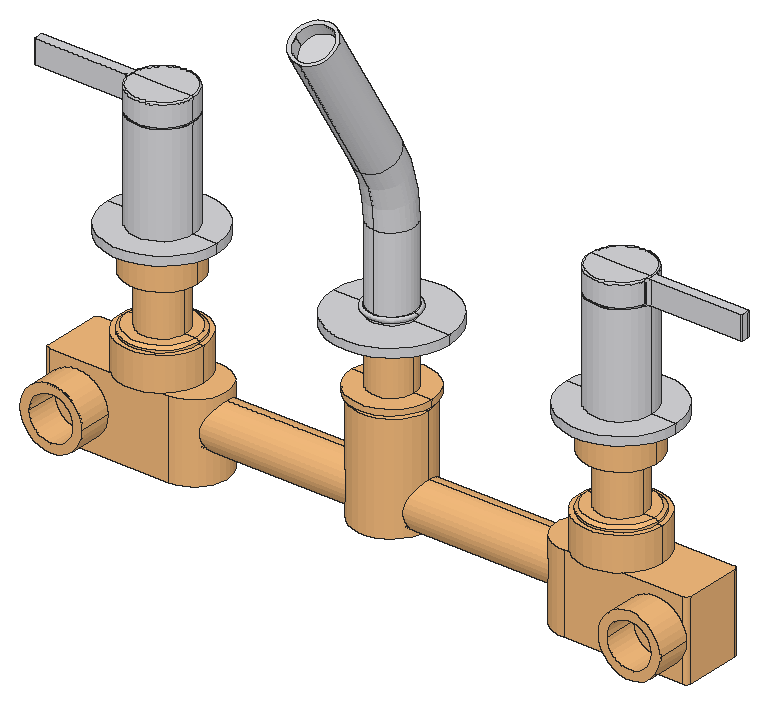
Revit family "Faucet-Wall_Mount-Lavatory-KOHLER-STILLNESS-944W", category Plumbing Fixtures, host Face, Revit 2017
Family settings
  Host = Face
  Round Connector Dimension = Use Diameter
  Part Type = Normal
  OmniClass Number = 23.31.11.00
  OmniClass Title = Faucets
  Cut with Voids When Loaded = No
  Shared = No
  Room Calculation Point = No
Parameters (values of type "CP-Polished Chrome")
  Width = Faucet Hole Spacing  # 7 7/8"
  WaterSense Certified = 1 = 0  # no
  Waste Water Outlet = "Waste Water Outlet"  # constant formula
  Waste Connection = 1 = 0  # no
  Vent Connection = 1 = 0  # no
  URL = "https://www.kohler.co.uk/"
  Type = 1
  Spout Reach = 5.03937"  # constant formula
  Product Page URL = "https://www.kohler.co.uk/taps/wall-mount/stillness-2-handle-3-hole-wall-mount-basin-mixer/"
  Product Name = "STILLNESS"  # constant formula
  Product Documentation Link = ""
  Pressure = 0.00 psi
  Model = "944W-4-CP"  # constant formula
  Material = "Premium Metal Construction"  # constant formula
  Master Format 2014 Name = "Residential Faucets, Supplies, and Trim"  # constant formula
  Master Format 2014 = "22 41 39"  # constant formula
  Manufacturer Address = "Cromwell Road, Cheltenham, Gloucestershire. GL52 5EP Registered in England No. 252115"  # constant formula
  Manufacturer = "KOHLER Co."  # constant formula
  Length = Spout Reach  # 5.03937"
  Hot Water Inlet = "Hot Water Inlet"  # constant formula
  Height = 2.6378"  # constant formula
  Handle Clearance = 2 3/16"  # constant formula
  HW Connection = 1 = 1  # yes
  Flow Rate = 0 GPM
  Finish = Kohler-Metal-CP-Polished_Chrome
  Faucet Hole Spacing = 7 7/8"  # constant formula
  Environmental Product Declaration = ""
  Drain Included = 1 = 1  # yes
  Description = "2-handle 3-hole wall-mount basin mixer"  # constant formula
  Default Elevation = 36"
  Declare Label = ""
  Date Modified = "02/25/2021"  # constant formula
  Date Created = "02/25/2021"  # constant formula
  Copyright = "Copyright KOHLER Co."  # constant formula
  Contact Us = "https://www.kohler.co.uk/support/contact/"
  Cold Water Inlet = "Cold Water Inlet"  # constant formula
  CW Connection = 1 = 1  # yes
  Assembly Code = "D2010"
  ADA Compliant = 1 = 0  # no
Reference planes (in)
  plane 1 "Center (Front/Back)": y = 0
  plane 2: z = 0
  plane 3 "Center (Left/Right)": x = 0
  plane 4: x = -4.96063
  plane 5: x = 4.96063
  plane 6: x = -3.93701
  plane 7: z = -2.74648
  plane 8: z = -3.41442
  plane 9: x = -2.99674
  plane 10: x = -3.22855
  plane 11: x = -3.40719
  plane 12: x = -4.46682
  plane 13: x = -4.64546
  plane 14: x = -4.87728
  plane 15: z = 0.14998
  plane 16: x = 0.62996
  plane 17: x = 0.995
  plane 18: x = -0.995
  plane 19: x = -0.62996
  plane 20: z = 0
  plane 21: x = -0.37477
  plane 22: x = 0.37477
  plane 23: x = 2.99674
  plane 24: x = 3.22855
  plane 25: x = 3.40719
  plane 26: x = 4.46682
  plane 27: x = 4.64546
  plane 28: x = 4.87728
  plane 29: x = -5.5116
  plane 30: x = 5.5116
  plane 31: y = -2.0075
  plane 32: y = -0.99734
  plane 33: y = -0.52982
  plane 34: y = 0.52982
  plane 35: y = 1.00266
  plane 36: y = -1.10236
  plane 37: y = 0.94007
  plane 38: y = -0.94007
  plane 39: x = 3.93799
  plane 40: y = -1.63514
  plane 41: z = 5.03937
  plane 42: z = 2.8458
  plane 43: z = 2.44441
  plane 44: z = 5.9975
  plane 45: z = 5.9975
  plane 46: x = 6.12549
  plane 47: x = -6.12205
Forms (in)
  Extrusion 1, void
    sketch origin (0, -0.15133, 0) x (1, 0, 0) y (0, 1, 0)
      loop
        line (-5.54623, 1.15664) -> (-5.54623, -1.1143) -> (5.64045, -1.1143) -> (5.64045, 1.15664) -> (-5.54623, 1.15664)
    from -3.41442 to -1.25254
  Extrusion 2, void
    sketch origin (0, 0, 0) x (1, 0, 0) y (0, 1, 0)
      loop
        circle (-3.93701, 0) r 0.75
      loop
        circle (-0.00681, 0) r 0.62931
      loop
        circle (3.93701, 0) r 0.75
    from -1.45669 to 0
Dimensions and locks (in)
  "Width": plane 6 to plane 39
  "Spout Reach": level to plane 41
  "Handle Clearance": plane 39 to plane 46
  level to plane 42 = 2.8458"
  plane 46 to plane 47 = 12.24754"
  "Height": plane 35 to plane 40
  aligned and locked: plane 2 to host face
  aligned and locked: level to host face
Automatic sketch dimensions
  host sketch curve to host sketch curve = 96"  (x2)
  plane 29 to Extrusion 1 sketch curve = 0.03463"
  plane 30 to Extrusion 1 sketch curve = 0.12885"
  plane 36 to Extrusion 1 sketch curve = 0.16326"
  plane 35 to Extrusion 1 sketch curve = 0.00266"
  plane 1 "Center (Front/Back)" to Extrusion 2 sketch curve = 0"  (x3)
  Extrusion 2 sketch curve to plane 6 = 0"
  Extrusion 2 sketch curve to plane 3 "Center (Left/Right)" = 0.00681"
  Extrusion 2 sketch curve to plane 25 = 0.52982"
  radius of Extrusion 2 sketch curve = 3/4"  (x2)
  radius of Extrusion 2 sketch curve = 0.62931"
Nested families (in)
  nested 1: "944W" at (0, 0, -3.41442), type "944W"
Connectors (in)
  piping at (-4.96063, -0.59843, -2.74648), diameter 0.5, driven by "HW Connection", driven by "Hot Water Inlet", driven by "Flow Rate"
    settings: on nested 1, index 1, connector inside diameter 24", connector length 0", flow factor 0, pipe flow 0 GPM, pressure drop 0.00 psi, fitting loss kfactor 0, connector angle 0.00°, fixture units 0, engagement length 0", angle of deflection 0.00°, flow configuration 0, flow direction 1, fitting loss method 0, system type 19, joint type 0, gender type 0, connector reference index -1, connector utility 1, adjustable connector no, is connector primary yes, connector description "Hot Water Inlet"
  piping at (4.96063, -0.59843, -2.74648), diameter 0.5, driven by "CW Connection", driven by "Cold Water Inlet", driven by "Flow Rate"
    settings: on nested 1, index 2, connector inside diameter 24", connector length 0", flow factor 0, pipe flow 0 GPM, pressure drop 0.00 psi, fitting loss kfactor 0, connector angle 0.00°, fixture units 0, engagement length 0", angle of deflection 0.00°, flow configuration 0, flow direction 1, fitting loss method 0, system type 20, joint type 0, gender type 0, connector reference index -1, connector utility 1, adjustable connector no, is connector primary no, connector description "Cold Water Inlet"
Definition of nested family "944W"
  Parameters (values of type "944W")
    Material = none
  Reference planes (in)
    plane 1 "Center (Front/Back)": y = 0
    plane 2: z = 0
    plane 3 "Center (Left/Right)": x = 0
    plane 4: x = -3.93701
    plane 5: z = 4.98377
    plane 6: z = 0.66794
    plane 7: y = 0.99734
    plane 8: z = 8.45379
    plane 9: y = -1.65354
    plane 10: y = 0.52982
    plane 11: y = 0.99734
    plane 12: y = 0.52982
    plane 13: y = -0.99734
    plane 14: y = -0.52982
    plane 15: y = -1.10236
    plane 16: y = -2.0075
    plane 17: z = 3.41442
    plane 18: z = 3.56439
    plane 19: x = 4.64546
    plane 20: x = 3.93701
    plane 21: x = 3.22855
    plane 22: x = 4.87728
    plane 23: x = 4.46682
    plane 24: x = 2.99674
    plane 25: x = 3.40719
    plane 26: x = 6.06701
    plane 27: z = 5.68505
    plane 28: x = -4.64546
    plane 29: x = -3.22855
    plane 30: x = -4.87728
    plane 31: x = -4.46682
    plane 32: x = -2.99674
    plane 33: x = -3.40719
    plane 34: x = -6.06701
    plane 35: x = 0.62996
    plane 36: x = 0.995
    plane 37: x = -0.62996
    plane 38: x = -0.995
    plane 39: x = 0.37477
    plane 40: x = -0.37477
    plane 41: z = 8.62833
    plane 42: y = 0.94007
    plane 43: y = -0.94007
  Forms (in)
    Sweep 1, solid
      path origin (0, 0, 0) x (-1, 0, 0) y (0, 0, 1)
        loop
          line (-3.11863, 0.82431) -> (3.26301, 0.82431)
      profile origin (-0.07219, 0, 0.82431) x (0, 0, 1) y (0, 1, 0)
        loop
          circle (0, 0) r 0.3937
    Extrusion 2, solid, detail levels medium+fine
      sketch origin (0, 0, 0) x (-1, 0, 0) y (0, -1, 0)
        loop
          arc (-3.38583, -0.55118) -> (-2.83465, 0) -> (-3.38583, 0.55118) r 0.55118
          line (-3.38583, 0.55118) -> (-5.43325, 0.55118)
          arc (-5.43325, 0.55118) -> (-5.4888, 0.52817) -> (-5.51181, 0.47262) r 0.07856
          line (-5.51181, 0.47262) -> (-5.51181, -0.47503)
          arc (-5.51181, -0.47503) -> (-5.48951, -0.52888) -> (-5.43566, -0.55118) r 0.07615
          line (-5.43566, -0.55118) -> (-3.38583, -0.55118)
      from 0 to 1.33858
    Extrusion 3, solid, detail levels medium+fine
      sketch origin (0, 0, 0) x (1, 0, 0) y (0, 1, 0)
        loop
          line (-3.38583, 0.55118) -> (-5.43566, 0.55118)
          arc (-5.43566, 0.55118) -> (-5.48951, 0.52888) -> (-5.51181, 0.47503) r 0.07615
          line (-5.51181, 0.47503) -> (-5.51181, -0.47262)
          arc (-5.51181, -0.47262) -> (-5.4888, -0.52817) -> (-5.43325, -0.55118) r 0.07856
          line (-5.43325, -0.55118) -> (-3.38583, -0.55118)
          arc (-3.38583, -0.55118) -> (-2.83465, 0) -> (-3.38583, 0.55118) r 0.55118
      from 0 to 1.33858
    Revolve 4, solid, detail levels medium+fine
      sketch origin (0, 0, 0) x (-1, 0, 0) y (0, 0, 1)
        loop
          line (0, 0.43307) -> (0, 3.41729) -> (-0.37477, 3.41729) -> (-0.37477, 2.45353) -> (-0.6825, 2.45353) -> (-0.6825, 2.35353) -> (-0.45935, 2.35353) -> (-0.45935, 2.26919) -> (-0.62996, 2.26919) -> (-0.62996, 0.43307) -> (0, 0.43307)
        axis (0, 3.41729) -> (0, 0.43307)
      angle from 0 to 360
    Revolve 5, solid, detail levels medium+fine
      sketch origin (0, 0, 0) x (1, 0, 0) y (0, 0, -1)
        loop
          line (-3.93701, -1.33858) -> (-3.93701, -3.41442) -> (-3.32201, -3.41442) -> (-3.32201, -2.83439) -> (-3.38379, -2.83439) -> (-3.41749, -2.80069) -> (-3.54331, -2.80069) -> (-3.54331, -1.9936) -> (-3.36415, -1.9936) -> (-3.30708, -1.94902) -> (-3.30708, -1.91486) -> (-3.22855, -1.91486) -> (-3.22855, -1.33858) -> (-3.93701, -1.33858)
        axis (-3.93701, -3.41442) -> (-3.93701, -1.33858)
      angle from 0 to 360
    Extrusion 6, solid, material <- "Material", detail levels medium+fine
      sketch origin (0, 0, 0) x (-1, 0, 0) y (0, 0, 1)
        loop
          line (4.05561, 0.23622) -> (3.8189, 0.23622)
          arc (3.8189, 0.23622) -> (3.76322, 0.21316) -> (3.74016, 0.15748) r 0.07874
          line (3.74016, 0.15748) -> (3.74016, 0.07874)
          arc (3.74016, 0.07874) -> (3.76322, 0.02306) -> (3.8189, 0) r 0.07874
          line (3.8189, 0) -> (4.05561, 0)
          arc (4.05561, 0) -> (4.11129, 0.02306) -> (4.13435, 0.07874) r 0.07874
          line (4.13435, 0.07874) -> (4.13435, 0.15748)
          arc (4.13435, 0.15748) -> (4.11129, 0.21316) -> (4.05561, 0.23622) r 0.07874
      from 0.40476 to 0.98425
    Extrusion 7, solid, detail levels medium+fine
      sketch origin (0, 0, 0) x (-1, 0, 0) y (0, 0, 1)
        loop
          circle (4.96246, 0.66794) r 0.3795
        loop
          circle (4.96246, 0.66794) r 0.52948
      from -1.10236 to -0.55118
    Extrusion 8, solid, detail levels medium+fine
      sketch origin (0, 0, 0) x (1, 0, 0) y (0, 0, -1)
        loop
          circle (4.96246, -0.66794) r 0.3795
        loop
          circle (4.96246, -0.66794) r 0.52948
      from -1.10236 to -0.55118
    Extrusion 9, solid, detail levels medium+fine
      sketch origin (0, 0, 0) x (1, 0, 0) y (0, 0, -1)
        loop
          arc (4.05561, -0.23622) -> (4.11129, -0.21316) -> (4.13435, -0.15748) r 0.07874
          line (4.13435, -0.15748) -> (4.13435, -0.07874)
          arc (4.13435, -0.07874) -> (4.11129, -0.02306) -> (4.05561, 0) r 0.07874
          line (4.05561, 0) -> (3.8189, 0)
          arc (3.8189, 0) -> (3.76322, -0.02306) -> (3.74016, -0.07874) r 0.07874
          line (3.74016, -0.07874) -> (3.74016, -0.15748)
          arc (3.74016, -0.15748) -> (3.76322, -0.21316) -> (3.8189, -0.23622) r 0.07874
          line (3.8189, -0.23622) -> (4.05561, -0.23622)
      from 0.40476 to 0.98425
    Extrusion 10, solid, detail levels medium+fine
      sketch origin (0, 0, 0) x (-1, 0, 0) y (0, 0, 1)
        loop
          line (4.05561, 0.23622) -> (3.8189, 0.23622)
          arc (3.8189, 0.23622) -> (3.76322, 0.21316) -> (3.74016, 0.15748) r 0.07874
          line (3.74016, 0.15748) -> (3.74016, 0.07874)
          arc (3.74016, 0.07874) -> (3.76322, 0.02306) -> (3.8189, 0) r 0.07874
          line (3.8189, 0) -> (4.05561, 0)
          arc (4.05561, 0) -> (4.11129, 0.02306) -> (4.13435, 0.07874) r 0.07874
          line (4.13435, 0.07874) -> (4.13435, 0.15748)
          arc (4.13435, 0.15748) -> (4.11129, 0.21316) -> (4.05561, 0.23622) r 0.07874
      from 0.40476 to 0.98425
    Extrusion 11, solid, detail levels coarse
      sketch origin (0, 0, 0) x (1, 0, 0) y (0, 1, 0)
        loop
          line (-5.51181, -0.00984) -> (-5.51181, -0.59843) -> (-3.43115, -0.59843)
          arc (-3.43115, -0.59843) -> (-2.82763, 0.00509) -> (-3.43115, 0.6086) r 0.60352
          line (-3.43115, 0.6086) -> (-5.51181, 0.6086) -> (-5.51181, -0.00984)
      from 0 to 1.38727
    Extrusion 12, solid, detail levels coarse
      sketch origin (0, 0, 0) x (-1, 0, 0) y (0, -1, 0)
        loop
          line (-5.51181, 0.00984) -> (-5.51181, -0.6086) -> (-3.43115, -0.6086)
          arc (-3.43115, -0.6086) -> (-2.82763, -0.00509) -> (-3.43115, 0.59843) r 0.60352
          line (-3.43115, 0.59843) -> (-5.51181, 0.59843) -> (-5.51181, 0.00984)
      from 0 to 1.38727
    Revolve 13, solid, detail levels coarse
      sketch origin (0, 0, 0) x (1, 0, 0) y (0, 0, 1)
        loop
          line (0, 0.41817) -> (0.69635, 0.41817) -> (0.69635, 2.48617) -> (0.41873, 2.48617) -> (0.41873, 3.41901) -> (0, 3.41901) -> (0, 0.41817)
        axis (0, 3.41901) -> (0, 0.41817)
      angle from 0 to 360
    Extrusion 14, solid, detail levels medium+fine
      sketch origin (0, 0, 0) x (1, 0, 0) y (0, 0, 1)
        loop
          circle (4.96063, 0.66794) r 0.12962
      from 0.55118 to 0.59843
    Extrusion 15, solid, detail levels medium+fine
      sketch origin (0, 0, 0) x (-1, 0, 0) y (0, 0, -1)
        loop
          circle (4.96063, -0.66794) r 0.12962
      from 0.55118 to 0.59843
    Revolve 16, solid, material <- "Material", detail levels medium+fine
      sketch origin (0, 0, 0) x (1, 0, 0) y (0, 0, -1)
        loop
          line (-3.93701, -3.4168) -> (-3.93701, -5.6841) -> (-3.42727, -5.6841)
          arc (-3.42727, -5.6841) -> (-3.41307, -5.67822) -> (-3.40719, -5.66403) r 0.02008
          line (-3.40719, -5.66403) -> (-3.40719, -5.30583)
          arc (-3.40719, -5.30583) -> (-3.4193, -5.29005) -> (-3.43826, -5.28407) r 0.03306
          line (-3.43826, -5.28407) -> (-3.40719, -5.28407) -> (-3.40719, -3.56827) -> (-2.99694, -3.56827) -> (-2.99694, -3.4168) -> (-3.93701, -3.4168)
        axis (-3.93701, -5.6841) -> (-3.93701, -3.4168)
      angle from 0 to 360
    Revolve 17, solid, material <- "Material", detail levels medium+fine
      sketch origin (0, 0, 0) x (1, 0, 0) y (0, 0, 1)
        loop
          line (0, 3.41729) -> (0.995, 3.41729) -> (0.995, 3.56728) -> (0, 3.56728) -> (0, 3.41729)
        axis (0, 3.56728) -> (0, 3.41729)
      angle from 0 to 360
    Revolve 18, solid, detail levels coarse
      sketch origin (0, 0, 0) x (1, 0, 0) y (0, 0, 1)
        loop
          line (-3.96145, 1.33858) -> (-3.96145, 3.41442) -> (-4.61003, 3.41442) -> (-4.61003, 2.71306) -> (-4.41318, 2.71306) -> (-4.41318, 2.05137) -> (-4.67878, 2.05137) -> (-4.67878, 1.33858) -> (-3.96145, 1.33858)
        axis (-3.96145, 3.41442) -> (-3.96145, 1.33858)
      angle from 0 to 360
    Extrusion 19, solid, detail levels coarse
      sketch origin (0, 0, 0) x (-1, 0, 0) y (0, 0, 1)
        loop
          circle (4.96246, 0.66794) r 0.52948
      from -1.10236 to -0.55118
    Extrusion 20, solid, detail levels coarse
      sketch origin (0, 0, 0) x (1, 0, 0) y (0, 0, -1)
        loop
          circle (4.96246, -0.66794) r 0.52948
      from -1.10236 to -0.55118
    Revolve 21, solid, detail levels medium+fine
      sketch origin (0, 0, 0) x (-1, 0, 0) y (0, 0, 1)
        loop
          line (-3.93701, 1.33858) -> (-3.22855, 1.33858) -> (-3.22855, 1.91486) -> (-3.30708, 1.91486) -> (-3.30708, 1.94902) -> (-3.36415, 1.9936) -> (-3.54331, 1.9936) -> (-3.54331, 2.80069) -> (-3.41749, 2.80069) -> (-3.38379, 2.83439) -> (-3.32201, 2.83439) -> (-3.32201, 3.41442) -> (-3.93701, 3.41442) -> (-3.93701, 1.33858)
        axis (-3.93701, 3.41442) -> (-3.93701, 1.33858)
      angle from 0 to 360
    Revolve 22, solid, material <- "Material", detail levels medium+fine
      sketch origin (0, 0, 0) x (-1, 0, 0) y (0, 0, 1)
        loop
          line (-3.93701, 3.41442) -> (-2.99694, 3.41442) -> (-2.99694, 3.56439) -> (-3.40719, 3.56439) -> (-3.40719, 5.28407) -> (-3.43826, 5.28407)
          arc (-3.43826, 5.28407) -> (-3.4193, 5.29005) -> (-3.40719, 5.30583) r 0.03306
          line (-3.40719, 5.30583) -> (-3.40719, 5.66403)
          arc (-3.40719, 5.66403) -> (-3.41307, 5.67822) -> (-3.42727, 5.6841) r 0.02008
          line (-3.42727, 5.6841) -> (-3.93701, 5.6841) -> (-3.93701, 3.41442)
        axis (-3.93701, 5.6841) -> (-3.93701, 3.41442)
      angle from 0 to 360
    Extrusion 23, solid, material <- "Material", detail levels medium+fine
      sketch origin (0, 0, 0) x (1, 0, 0) y (0, 1, 0)
        loop
          arc (-4.5104, -0.079) -> (-4.4718, -0.09295) -> (-4.45104, -0.12837) r 0.06038
          line (-4.45104, -0.12837) -> (-4.45104, 0.12837)
          arc (-4.45104, 0.12837) -> (-4.4718, 0.09295) -> (-4.5104, 0.079) r 0.06038
          line (-4.5104, 0.079) -> (-6.04702, 0.079)
          arc (-6.04702, 0.079) -> (-6.06115, 0.07315) -> (-6.06701, 0.05902) r 0.01998
          line (-6.06701, 0.05902) -> (-6.06701, -0.05839)
          arc (-6.06701, -0.05839) -> (-6.06097, -0.07296) -> (-6.0464, -0.079) r 0.02061
          line (-6.0464, -0.079) -> (-4.5104, -0.079)
      from 5.28407 to 5.68407
    Extrusion 24, solid, material <- "Material", detail levels medium+fine
      sketch origin (0, 0, 0) x (-1, 0, 0) y (0, -1, 0)
        loop
          line (-4.5104, 0.079) -> (-6.0464, 0.079)
          arc (-6.0464, 0.079) -> (-6.06097, 0.07296) -> (-6.06701, 0.05839) r 0.02061
          line (-6.06701, 0.05839) -> (-6.06701, -0.05902)
          arc (-6.06701, -0.05902) -> (-6.06115, -0.07315) -> (-6.04702, -0.079) r 0.01998
          line (-6.04702, -0.079) -> (-4.5104, -0.079)
          arc (-4.5104, -0.079) -> (-4.4718, -0.09295) -> (-4.45104, -0.12837) r 0.06038
          line (-4.45104, -0.12837) -> (-4.45104, 0.12837)
          arc (-4.45104, 0.12837) -> (-4.4718, 0.09295) -> (-4.5104, 0.079) r 0.06038
      from 5.28407 to 5.68407
    Revolve 25, solid, material <- "Material", detail levels medium+fine
      sketch origin (0, 0, 0) x (1, 0, 0) y (0, 0, 1)
        loop
          line (0, 3.56728) -> (0.37549, 3.56728) -> (0.37549, 3.63467) -> (0.40656, 3.63467)
          arc (0.40656, 3.63467) -> (0.44184, 3.67337) -> (0.40004, 3.70491) r 0.03542
          line (0.40004, 3.70491) -> (0, 3.70491) -> (0, 3.56728)
        axis (0, 3.70491) -> (0, 3.56728)
      angle from 0 to 360
    Sweep 26, solid, material <- "Material"
      path origin (0, 0, 0) x (0, 1, 0) y (0, 0, 1)
        loop
          line (0, 3.70491) -> (0, 4.99633)
          arc (0, 4.99633) -> (-0.08434, 5.61603) -> (-0.33121, 6.19065) r 2.3189
          line (-0.33121, 6.19065) -> (-1.67972, 8.43493)
      profile origin (0, 0, 4.35062) x (0, -1, 0) y (1, 0, 0)
        loop
          circle (0, 0) r 0.37549
    Revolve 27, solid, detail levels coarse
      sketch origin (0, 0, 0) x (-1, 0, 0) y (0, 0, 1)
        loop
          line (-3.96145, 1.33858) -> (-3.96145, 3.41442) -> (-4.61003, 3.41442) -> (-4.61003, 2.71306) -> (-4.41318, 2.71306) -> (-4.41318, 2.05137) -> (-4.67878, 2.05137) -> (-4.67878, 1.33858) -> (-3.96145, 1.33858)
        axis (-3.96145, 3.41442) -> (-3.96145, 1.33858)
      angle from 0 to 360
    Revolve 28, solid, material <- "Material", detail levels coarse
      sketch origin (0, 0, 0) x (1, 0, 0) y (0, 0, 1)
        loop
          line (-3.93701, 3.41442) -> (-3.93701, 5.73363) -> (-4.52756, 5.73363) -> (-4.52756, 3.56827) -> (-4.92126, 3.56827) -> (-4.92126, 3.41442) -> (-3.93701, 3.41442)
        axis (-3.93701, 3.41442) -> (-3.93701, 5.73363)
      angle from 0 to 360
    Revolve 29, solid, material <- "Material", detail levels coarse
      sketch origin (0, 0, 0) x (-1, 0, 0) y (0, 0, 1)
        loop
          line (-3.93701, 3.41442) -> (-3.93701, 5.73363) -> (-4.52756, 5.73363) -> (-4.52756, 3.56827) -> (-4.92126, 3.56827) -> (-4.92126, 3.41442) -> (-3.93701, 3.41442)
        axis (-3.93701, 3.41442) -> (-3.93701, 5.73363)
      angle from 0 to 360
    Extrusion 30, solid, material <- "Material", detail levels coarse
      sketch origin (0, 0, 0) x (1, 0, 0) y (0, 1, 0)
        loop
          line (-4.51342, 0.12431) -> (-6.08913, 0.12431) -> (-6.08913, -0.12846) -> (-4.51342, -0.12846) -> (-4.51342, 0.12431)
      from 5.28407 to 5.73363
    Extrusion 31, solid, material <- "Material", detail levels coarse
      sketch origin (0, 0, 0) x (-1, 0, 0) y (0, -1, 0)
        loop
          line (-4.51342, -0.12431) -> (-4.51342, 0.12846) -> (-6.08913, 0.12846) -> (-6.08913, -0.12431) -> (-4.51342, -0.12431)
      from 5.28407 to 5.73363
    Revolve 32, solid, material <- "Material", detail levels coarse
      sketch origin (0, 0, 0) x (1, 0, 0) y (0, 0, 1)
        loop
          line (-0.01419, 3.41729) -> (-0.01419, 3.71215) -> (-0.46211, 3.71215) -> (-0.46211, 3.61414) -> (-1.05266, 3.61414) -> (-1.05266, 3.41729) -> (-0.01419, 3.41729)
        axis (-0.01419, 3.71215) -> (-0.01419, 3.41729)
      angle from 0 to 360
    Extrusion 33, void
      sketch origin (0, 0.92555, 17.14614) x (1, 0, 0) y (0, -0.848048, -0.529919)
        loop
          circle (0.01057, 6.83313) r 0.31433
      from 5.52187 to 6.23224
  Cuts and joins
    joined: Extrusion 3, Extrusion 14, Extrusion 15
    Extrusion 33 cuts Sweep 26
  Lines and regions (in)
    Masking region 1
      outline origin (0, 0, 0) x (1, 0, 0) y (0, 0, 1)
        loop
          line (6.06623, 5.68505) -> (3.4072, 5.68505) -> (3.4072, 3.56439) -> (2.99693, 3.56439) -> (2.99693, 3.41442) -> (4.87728, 3.41442) -> (4.87728, 3.56439) -> (4.46682, 3.56439) -> (4.46682, 5.28398) -> (6.06623, 5.28398) -> (6.06623, 5.68505)
        loop
          line (-6.06623, 5.68505) -> (-6.06623, 5.28398) -> (-4.46682, 5.28398) -> (-4.46682, 3.56439) -> (-4.87728, 3.56439) -> (-4.87728, 3.41442) -> (-2.99693, 3.41442) -> (-2.99693, 3.56439) -> (-3.4072, 3.56439) -> (-3.4072, 5.68505) -> (-6.06623, 5.68505)
        loop
          spline (0.37549, 8.43493) -> (0.37228, 8.46018) -> (0.3627, 8.48499) -> (0.34691, 8.50894) -> (0.32518, 8.53163) -> (0.2979, 8.55266) -> (0.26551, 8.57168) -> (0.22858, 8.58836) -> (0.18775, 8.60242) -> (0.14369, 8.6136) -> (0.09718, 8.62174) -> (0.04901, 8.62667) -> (0, 8.62833)
          spline (0, 8.62833) -> (-0.04978, 8.62662) -> (-0.09868, 8.62153) -> (-0.14583, 8.61314) -> (-0.19042, 8.60161) -> (-0.23164, 8.58714) -> (-0.26877, 8.56998) -> (-0.30116, 8.55044) -> (-0.32823, 8.52886) -> (-0.34951, 8.50562) -> (-0.36462, 8.48113) -> (-0.37329, 8.45583) -> (-0.3756, 8.43015)
          line (-0.3756, 8.43015) -> (-0.3756, 3.70575) -> (-0.40856, 3.70575)
          arc (-0.40856, 3.70575) -> (-0.4441, 3.67021) -> (-0.40856, 3.63467) r 0.03554
          line (-0.40856, 3.63467) -> (-0.37549, 3.63467) -> (-0.37549, 3.56728) -> (-0.995, 3.56728) -> (-0.995, 3.41729) -> (0, 3.41729) -> (0.995, 3.41729) -> (0.995, 3.56728) -> (0.37549, 3.56728) -> (0.37549, 3.63467) -> (0.40856, 3.63467)
          arc (0.40856, 3.63467) -> (0.4441, 3.67021) -> (0.40856, 3.70575) r 0.03554
          line (0.40856, 3.70575) -> (0.3756, 3.70575) -> (0.3756, 8.43015)
    Masking region 2
      outline origin (0, 0, 0) x (0, 1, 0) y (0, 0, 1)
        loop
          line (0, 3.41442) -> (0.99734, 3.41442) -> (0.99734, 3.56786) -> (0.52981, 3.56786) -> (0.52981, 5.65671)
          arc (0.52981, 5.65671) -> (0.52647, 5.67531) -> (0.50981, 5.68423) r 0.02169
          line (0.50981, 5.68423) -> (0.28689, 5.68423)
          arc (0.28689, 5.68423) -> (0.18907, 5.98572) -> (0.0569, 6.27381) r 2.72502
          line (0.0569, 6.27381) -> (-1.35924, 8.63066) -> (-2.0075, 8.24116) -> (-0.60344, 5.90442)
          arc (-0.60344, 5.90442) -> (-0.54483, 5.79664) -> (-0.49567, 5.68423) r 1.42929
          arc (-0.49567, 5.68423) -> (-0.51745, 5.68284) -> (-0.52954, 5.66468) r 0.02459
          line (-0.52954, 5.66468) -> (-0.52954, 3.56786) -> (-0.99734, 3.56786) -> (-0.99734, 3.41442) -> (0, 3.41442)
    Masking region 3
      outline origin (0, 0, 0) x (0, 1, 0) y (0, 0, 1)
        loop
          line (-0.55118, 0) -> (0.99656, 0) -> (0.99656, 0.23622) -> (0.55113, 0.23622) -> (0.55113, 0.43307) -> (0.62996, 0.43307) -> (0.62996, 1.33858) -> (0.70846, 1.33858) -> (0.70846, 1.91486) -> (0.62992, 1.91486) -> (0.62992, 2.26919) -> (0.45935, 2.26919) -> (0.45935, 2.35353) -> (0.6825, 2.35353) -> (0.6825, 2.45353) -> (0.39345, 2.45353) -> (0.39345, 2.80069) -> (0.51952, 2.80069) -> (0.55322, 2.83439) -> (0.615, 2.83439) -> (0.615, 3.41442) -> (-0.615, 3.41442) -> (-0.615, 2.83439) -> (-0.55322, 2.83439) -> (-0.51952, 2.80069) -> (-0.39345, 2.80069) -> (-0.39345, 2.45353) -> (-0.6825, 2.45353) -> (-0.6825, 2.35353) -> (-0.45935, 2.35353) -> (-0.45935, 2.26919) -> (-0.62992, 2.26919) -> (-0.62992, 1.91486) -> (-0.70846, 1.91486) -> (-0.70846, 1.33858) -> (-0.62996, 1.33858) -> (-0.62996, 1.19618) -> (-1.10236, 1.19618) -> (-1.10236, 0.13846) -> (-0.55118, 0.13846) -> (-0.55118, 0)
    Masking region 4, detail levels medium+fine
      outline origin (0, 0, 0) x (1, 0, 0) y (0, 0, 1)
        loop
          line (2.83465, 0) -> (5.51181, 0) -> (5.51181, 1.33858) -> (4.64546, 1.33858) -> (4.64546, 1.91486) -> (4.56693, 1.91486) -> (4.56693, 1.94902) -> (4.50987, 1.9936) -> (4.3307, 1.9936) -> (4.3307, 2.80069) -> (4.45842, 2.80069) -> (4.49212, 2.83439) -> (4.55201, 2.83439) -> (4.55201, 3.41442) -> (3.93701, 3.41442) -> (3.32201, 3.41442) -> (3.32201, 2.83439) -> (3.38189, 2.83439) -> (3.41559, 2.80069) -> (3.54331, 2.80069) -> (3.54331, 1.9936) -> (3.36415, 1.9936) -> (3.30708, 1.94902) -> (3.30708, 1.91486) -> (3.22855, 1.91486) -> (3.22855, 1.33858) -> (2.83465, 1.33858) -> (2.83465, 1.2184) -> (0.62996, 1.2184) -> (0.62996, 2.2692) -> (0.45935, 2.2692) -> (0.45935, 2.3535) -> (0.68248, 2.3535) -> (0.68248, 2.45353) -> (0.37483, 2.45353) -> (0.37483, 3.41741) -> (-0.0016, 3.41741) -> (-0.37483, 3.41741) -> (-0.37483, 2.45353) -> (-0.68248, 2.45353) -> (-0.68248, 2.3535) -> (-0.45935, 2.3535) -> (-0.45935, 2.2692) -> (-0.62996, 2.2692) -> (-0.62996, 1.2184) -> (-2.83465, 1.2184) -> (-2.83465, 1.33858) -> (-3.22855, 1.33858) -> (-3.22855, 1.91486) -> (-3.30708, 1.91486) -> (-3.30708, 1.94902) -> (-3.36415, 1.9936) -> (-3.54331, 1.9936) -> (-3.54331, 2.80069) -> (-3.41559, 2.80069) -> (-3.38189, 2.83439) -> (-3.32201, 2.83439) -> (-3.32201, 3.41442) -> (-3.93701, 3.41442) -> (-4.55201, 3.41442) -> (-4.55201, 2.83439) -> (-4.49212, 2.83439) -> (-4.45842, 2.80069) -> (-4.3307, 2.80069) -> (-4.3307, 1.9936) -> (-4.50987, 1.9936) -> (-4.56693, 1.94902) -> (-4.56693, 1.91486) -> (-4.64546, 1.91486) -> (-4.64546, 1.33858) -> (-5.51181, 1.33858) -> (-5.51181, 0) -> (-2.83465, 0) -> (-2.83465, 0.43098) -> (0, 0.43098) -> (2.83465, 0.43098) -> (2.83465, 0)
    Masking region 5
      outline origin (0, 0, 0) x (1, 0, 0) y (0, 1, 0)
        loop
          arc (-2.99694, 0) -> (-3.89747, 0.93924) -> (-4.87375, 0.079) r 0.94007
          line (-4.87375, 0.079) -> (-6.04702, 0.079)
          arc (-6.04702, 0.079) -> (-6.06115, 0.07315) -> (-6.06701, 0.05902) r 0.01998
          line (-6.06701, 0.05902) -> (-6.06701, -0.05839)
          arc (-6.06701, -0.05839) -> (-6.06097, -0.07296) -> (-6.0464, -0.079) r 0.02061
          line (-6.0464, -0.079) -> (-4.87375, -0.079)
          arc (-4.87375, -0.079) -> (-3.89747, -0.93924) -> (-2.99694, 0) r 0.94007
        loop
          arc (2.99694, 0) -> (3.89747, -0.93924) -> (4.87375, -0.079) r 0.94007
          line (4.87375, -0.079) -> (6.0464, -0.079)
          arc (6.0464, -0.079) -> (6.06097, -0.07296) -> (6.06701, -0.05839) r 0.02061
          line (6.06701, -0.05839) -> (6.06701, 0.05902)
          arc (6.06701, 0.05902) -> (6.06115, 0.07315) -> (6.04702, 0.079) r 0.01998
          line (6.04702, 0.079) -> (4.87375, 0.079)
          arc (4.87375, 0.079) -> (3.89747, 0.93924) -> (2.99694, 0) r 0.94007
        loop
          arc (-0.995, 0) -> (-0.82572, -0.55516) -> (-0.37549, -0.92143) r 0.995
          line (-0.37549, -0.92143) -> (-0.37549, -1.67972)
          spline (-0.37549, -1.67972) -> (-0.37228, -1.72173) -> (-0.3627, -1.76302) -> (-0.34691, -1.80289) -> (-0.32518, -1.84065) -> (-0.2979, -1.87565) -> (-0.26551, -1.90731) -> (-0.22858, -1.93506) -> (-0.18775, -1.95845) -> (-0.14369, -1.97708) -> (-0.09718, -1.99061) -> (-0.04901, -1.99882) -> (0, -2.00158)
          spline (0, -2.00158) -> (0.04901, -1.99882) -> (0.09718, -1.99061) -> (0.14369, -1.97708) -> (0.18775, -1.95845) -> (0.22858, -1.93506) -> (0.26551, -1.90731) -> (0.2979, -1.87565) -> (0.32518, -1.84065) -> (0.34691, -1.80289) -> (0.3627, -1.76302) -> (0.37228, -1.72173) -> (0.37549, -1.67972)
          line (0.37549, -1.67972) -> (0.37549, -0.92143)
          arc (0.37549, -0.92143) -> (0.82572, -0.55516) -> (0.995, 0) r 0.995
          arc (0.995, 0) -> (0, 0.995) -> (-0.995, 0) r 0.995
    symbolic lines, detail levels medium+fine
      curve 1: arc (3.8189, 0, 0) -> (3.76322, 0, 0.02306) -> (3.74016, 0, 0.07874) r 0.07874
      curve 2: arc (3.74016, 0, 0.15748) -> (3.76322, 0, 0.21316) -> (3.8189, 0, 0.23622) r 0.07874
      curve 3: line (3.74016, 0, 0.15748) -> (3.74016, 0, 0.07874)
      curve 4: line (4.05561, 0, 0.23622) -> (3.8189, 0, 0.23622)
      curve 5: arc (4.05561, 0, 0.23622) -> (4.11129, 0, 0.21316) -> (4.13435, 0, 0.15748) r 0.07874
      curve 6: arc (4.13435, 0, 0.07874) -> (4.11129, 0, 0.02306) -> (4.05561, 0, 0) r 0.07874
      curve 7: line (4.13435, 0, 0.07874) -> (4.13435, 0, 0.15748)
      curve 8: arc (-3.8189, 0, 0) -> (-3.76322, 0, 0.02306) -> (-3.74016, 0, 0.07874) r 0.07874
      curve 9: arc (-3.74016, 0, 0.15748) -> (-3.76322, 0, 0.21316) -> (-3.8189, 0, 0.23622) r 0.07874
      curve 10: line (-3.74016, 0, 0.15748) -> (-3.74016, 0, 0.07874)
      curve 11: line (-4.05561, 0, 0.23622) -> (-3.8189, 0, 0.23622)
      curve 12: arc (-4.05561, 0, 0.23622) -> (-4.11129, 0, 0.21316) -> (-4.13435, 0, 0.15748) r 0.07874
      curve 13: arc (-4.13435, 0, 0.07874) -> (-4.11129, 0, 0.02306) -> (-4.05561, 0, 0) r 0.07874
      curve 14: line (-4.13435, 0, 0.07874) -> (-4.13435, 0, 0.15748)
      curve 15: line (0, 0.55118, 0) -> (0, 0.55118, 1.33858)
      curve 16: line (0, 0.55118, 1.33858) -> (0, -0.55118, 1.33858)
      curve 17: line (0, -0.55118, 0.13846) -> (0, -0.55118, 1.33858)
      curve 18: line (0, -0.62996, 1.19618) -> (0, -0.55118, 1.19618)
      curve 19: line (0, -0.62992, 1.33858) -> (0, -0.55118, 1.33858)
      curve 20: line (0, 0.55118, 1.33858) -> (0, 0.62992, 1.33858)
      curve 29: arc (-4.46682, 0, 0) -> (-3.93701, 0.52982, 0) -> (-3.40719, 0, 0) r 0.52982
      curve 30: arc (-3.40719, 0, 0) -> (-3.93701, -0.52982, 0) -> (-4.46682, 0, 0) r 0.52982
      curve 31: line (-4.5104, 0.079, 0) -> (-6.04702, 0.079, 0)
      curve 32: line (-6.0464, -0.079, 0) -> (-4.5104, -0.079, 0)
      curve 33: arc (-4.5104, -0.079, 0) -> (-4.4718, -0.09295, 0) -> (-4.45104, -0.12837, 0) r 0.06038
      curve 34: arc (-4.45104, 0.12837, 0) -> (-4.4718, 0.09295, 0) -> (-4.5104, 0.079, 0) r 0.06038
      curve 35: spline (0, -1.35786, 0) -> (-0.04901, -1.36061, 0) -> (-0.09718, -1.36883, 0) -> (-0.14369, -1.38236, 0) -> (-0.18775, -1.40098, 0) -> (-0.22858, -1.42437, 0) -> (-0.26551, -1.45213, 0) -> (-0.2979, -1.48378, 0) -> (-0.32518, -1.51879, 0) -> (-0.34691, -1.55655, 0) -> (-0.3627, -1.59641, 0) -> (-0.37228, -1.63771, 0) -> (-0.37549, -1.67972, 0)
      curve 36: spline (0.37549, -1.67972, 0) -> (0.37228, -1.63771, 0) -> (0.3627, -1.59641, 0) -> (0.34691, -1.55655, 0) -> (0.32518, -1.51879, 0) -> (0.2979, -1.48378, 0) -> (0.26551, -1.45213, 0) -> (0.22858, -1.42437, 0) -> (0.18775, -1.40098, 0) -> (0.14369, -1.38236, 0) -> (0.09718, -1.36883, 0) -> (0.04901, -1.36061, 0) -> (0, -1.35786, 0)
      curve 37: line (-0.37549, -0.92143, 0) -> (-0.37549, 0, 0)
      curve 38: line (0.37549, -0.92143, 0) -> (0.37549, 0, 0)
      curve 39: arc (-0.37549, 0, 0) -> (-0.26551, 0.26551, 0) -> (0, 0.37549, 0) r 0.37549
      curve 40: arc (0, 0.37549, 0) -> (0.26551, 0.26551, 0) -> (0.37549, 0, 0) r 0.37549
      curve 41: arc (-0.37549, -0.13799, 0) -> (0, 0.40004, 0) -> (0.37549, -0.13799, 0) r 0.40004
      curve 42: arc (-0.37549, -0.23347, 0) -> (-0.38648, 0.21479, 0) -> (0, 0.44216, 0) r 0.44216
      curve 43: arc (0.37549, -0.23347, 0) -> (0.38648, 0.21479, 0) -> (0, 0.44216, 0) r 0.44216
      curve 44: arc (4.46682, 0, 0) -> (3.93701, 0.52982, 0) -> (3.40719, 0, 0) r 0.52982
      curve 45: arc (3.40719, 0, 0) -> (3.93701, -0.52982, 0) -> (4.46682, 0, 0) r 0.52982
      curve 46: line (4.5104, 0.079, 0) -> (6.04702, 0.079, 0)
      curve 47: line (6.0464, -0.079, 0) -> (4.5104, -0.079, 0)
      curve 48: arc (4.5104, -0.079, 0) -> (4.4718, -0.09295, 0) -> (4.45104, -0.12837, 0) r 0.06038
      curve 49: arc (4.45104, 0.12837, 0) -> (4.4718, 0.09295, 0) -> (4.5104, 0.079, 0) r 0.06038
      curve 50: line (4.64546, 0, 1.33858) -> (3.22855, 0, 1.33858)
      curve 51: line (4.64546, 0, 1.91486) -> (3.22855, 0, 1.91486)
      curve 52: line (4.50987, 0, 1.9936) -> (3.36415, 0, 1.9936)
      curve 53: line (4.56693, 0, 1.94902) -> (3.30708, 0, 1.94902)
      curve 54: line (4.45652, 0, 2.80069) -> (3.41749, 0, 2.80069)
      curve 55: line (4.55201, 0, 2.83439) -> (3.32201, 0, 2.83439)
      curve 56: line (4.87708, 0, 3.56439) -> (2.99694, 0, 3.56439)
      curve 57: line (4.46334, 0, 5.28407) -> (3.40719, 0, 5.28407)
      curve 58: line (4.46334, 0, 5.28407) -> (3.40719, 0, 5.28407)
      curve 59: line (4.46334, 0, 5.68407) -> (4.46334, 0, 5.28407)
      curve 60: line (0.62996, 0, 1.2184) -> (-0.62996, 0, 1.2184)
      curve 61: line (-0.62996, 0, 2.26919) -> (0.62996, 0, 2.26919)
      curve 62: line (-0.6825, 0, 2.35353) -> (0.6825, 0, 2.35353)
      curve 63: line (-0.6825, 0, 2.45353) -> (0.6825, 0, 2.45353)
      curve 64: line (0.995, 0, 3.41729) -> (-0.995, 0, 3.41729)
      curve 65: line (0.995, 0, 3.56728) -> (-0.995, 0, 3.56728)
      curve 66: line (0.40656, 0, 3.63467) -> (-0.40656, 0, 3.63467)
      curve 67: line (0.40004, 0, 3.70491) -> (-0.40004, 0, 3.70491)
      curve 68: line (-4.64546, 0, 1.33858) -> (-3.22855, 0, 1.33858)
      curve 69: line (-4.64546, 0, 1.91486) -> (-3.22855, 0, 1.91486)
      curve 70: line (-4.50987, 0, 1.9936) -> (-3.36415, 0, 1.9936)
      curve 71: line (-4.56693, 0, 1.94902) -> (-3.30708, 0, 1.94902)
      curve 72: line (-4.45652, 0, 2.80069) -> (-3.41749, 0, 2.80069)
      curve 73: line (-4.55201, 0, 2.83439) -> (-3.32201, 0, 2.83439)
      curve 74: line (-4.87708, 0, 3.56439) -> (-2.99694, 0, 3.56439)
      curve 75: line (-4.46334, 0, 5.28407) -> (-3.40719, 0, 5.28407)
      curve 76: line (-4.46334, 0, 5.68407) -> (-4.46334, 0, 5.28407)
      curve 77: line (0, 0.28693, 5.68407) -> (0, -0.49561, 5.68407)
      curve 78: line (0, 0, 5.28407) -> (0, 0.52982, 5.28407)
      curve 79: line (0, -0.52982, 5.28407) -> (0, 0, 5.28407)
      curve 80: line (0, -0.12837, 5.28407) -> (0, -0.12837, 5.68407)
      curve 81: line (0, 0.12837, 5.28407) -> (0, 0.12837, 5.68407)
      curve 82: line (0, 0.079, 5.68407) -> (0, 0.079, 5.28407)
      curve 83: line (0, -0.079, 5.68407) -> (0, -0.079, 5.28407)
      curve 84: line (0, -0.52982, 5.30583) -> (0, -0.12837, 5.30583)
      curve 85: line (0, 0.12837, 5.30583) -> (0, 0.52982, 5.30583)
      curve 86: line (0, 0, 3.56827) -> (0, 0.94007, 3.56827)
      curve 87: line (0, -0.94007, 3.56827) -> (0, 0, 3.56827)
      curve 88: line (0, 0, 2.83439) -> (0, 0.615, 2.83439)
      curve 89: line (0, -0.615, 2.83439) -> (0, 0, 2.83439)
      curve 90: line (0, 0, 2.80069) -> (0, 0.51952, 2.80069)
      curve 91: line (0, -0.51952, 2.80069) -> (0, 0, 2.80069)
      curve 92: line (0, 0.39345, 2.35353) -> (0, 0.6825, 2.35353)
      curve 93: line (0, -0.6825, 2.35353) -> (0, -0.39345, 2.35353)
      curve 94: line (0, 0.39345, 2.45353) -> (0, 0.39345, 1.9936)
      curve 95: line (0, -0.39345, 2.45353) -> (0, -0.39345, 1.9936)
      curve 96: line (0, 0.39345, 2.26919) -> (0, 0.62996, 2.26919)
      curve 97: line (0, -0.62996, 2.26919) -> (0, -0.39345, 2.26919)
      curve 98: line (0, 0, 1.9936) -> (0, 0.57286, 1.9936)
      curve 99: line (0, -0.57286, 1.9936) -> (0, 0, 1.9936)
      curve 100: line (0, -0.70846, 1.91486) -> (0, 0, 1.91486)
      curve 101: line (0, 0, 1.91486) -> (0, 0.70846, 1.91486)
      curve 102: line (0, 0.57286, 1.9936) -> (0, 0.62992, 1.94902)
      curve 103: line (0, 0.62992, 1.94902) -> (0, -0.62992, 1.94902)
      curve 104: line (0, -0.62992, 1.94902) -> (0, -0.57286, 1.9936)
      curve 105: spline (0.01057, -1.95561, 0) -> (-0.07079, -1.94643, 0) -> (-0.14659, -1.91952, 0) -> (-0.21169, -1.8767, 0) -> (-0.26164, -1.8209, 0) -> (-0.29304, -1.75592, 0) -> (-0.30375, -1.68619, 0) -> (-0.29304, -1.61646, 0) -> (-0.26164, -1.55148, 0) -> (-0.21169, -1.49568, 0) -> (-0.14659, -1.45286, 0) -> (-0.07079, -1.42595, 0) -> (0.01057, -1.41677, 0)
      curve 106: spline (0.01057, -1.41668, 0) -> (0.09192, -1.42586, 0) -> (0.16772, -1.45278, 0) -> (0.23282, -1.49559, 0) -> (0.28277, -1.55139, 0) -> (0.31417, -1.61637, 0) -> (0.32488, -1.68611, 0) -> (0.31417, -1.75584, 0) -> (0.28277, -1.82082, 0) -> (0.23282, -1.87662, 0) -> (0.16772, -1.91943, 0) -> (0.09192, -1.94635, 0) -> (0.01057, -1.95553, 0)
      curve 107: spline (-0.29569, -1.62671, 0) -> (-0.27231, -1.68292, 0) -> (-0.23478, -1.73332, 0) -> (-0.18499, -1.77538, 0) -> (-0.12542, -1.80701, 0) -> (-0.05905, -1.82663, 0) -> (0.0108, -1.83325, 0) -> (0.08063, -1.82654, 0) -> (0.14697, -1.80684, 0) -> (0.20648, -1.77514, 0) -> (0.2562, -1.73301, 0) -> (0.29364, -1.68256, 0) -> (0.31692, -1.62633, 0)
      curve 108: arc (-2.83465, 0, 1.2184) -> (-2.99775, 0, 0.82469) -> (-2.83465, 0, 0.43098) r 0.55674
      curve 109: arc (-0.62996, 0, 1.2184) -> (-0.56402, 0, 0.82469) -> (-0.62996, 0, 0.43098) r 1.20826
      curve 110: arc (2.83465, 0, 1.2184) -> (2.99775, 0, 0.82469) -> (2.83465, 0, 0.43098) r 0.55674
      curve 111: arc (0.62996, 0, 1.2184) -> (0.56402, 0, 0.82469) -> (0.62996, 0, 0.43098) r 1.20826
    symbolic lines, detail levels coarse
      curve 21: line (0.21654, 0, 1.09345) -> (0.21654, 0, 0.94104)
      curve 22: line (-0.21654, 0, 1.09345) -> (-0.21654, 0, 0.94104)
      curve 23: line (0.21654, 0, 1.09345) -> (-0.21654, 0, 0.94104)
      curve 24: line (0.21654, 0, 0.94104) -> (-0.21654, 0, 1.09345)
      curve 25: line (0, 0, 1.01724) -> (0, 0, 0.82039)
      curve 26: line (0, 0, 0.82039) -> (0.15162, 0, 0.82039)
      curve 27: line (0, 0, 0.82039) -> (-0.15162, 0, 0.82039)
      curve 28: arc (0.15162, 0, 0.82039) -> (0, 0, 0.66878) -> (-0.15162, 0, 0.82039) r 0.15162
  Dimensions and locks (in)
    plane 8 to plane 17 = 5.03937"
    plane 1 "Center (Front/Back)" to plane 9 = 1.65354"
    aligned and locked: level to plane 2
